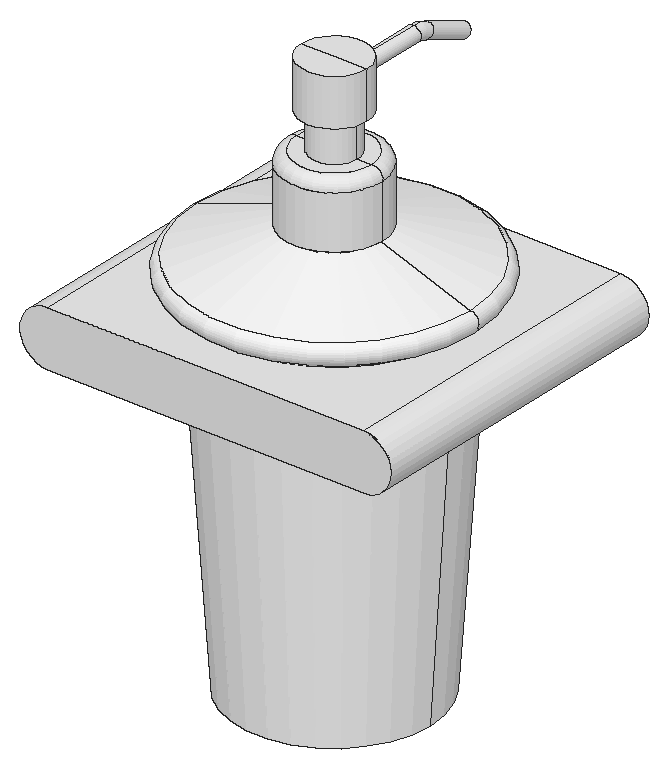
Revit family "LQ6215551_Jabonera Liquid Mate Black", category Furniture, host Wall, Revit 2019
Family settings
  Host = Wall
  OmniClass Number = 23.31.25.29.11
  OmniClass Title = Hand Soap Holders
  Always vertical = Yes
  Cut with Voids When Loaded = No
  Shared = No
  Room Calculation Point = No
Parameters (values of type "Type 1")
  Uso = "Residencial"  # constant formula
  URL = "https://corona.co/productos/accesorios/jabonera-liquid/p/LQ6215551"
  Tecnologías = "DuraCrome"  # constant formula
  Resistencia = "Resistente a la corrosión\r\npelado y decoloración por agua\r\nResistencia al peso general hasta 9 kg\r\nResistencia al peso del toallero barra hasta 23 kg"  # constant formula
  Referencia = "LQ6050001"  # constant formula
  Profundidad = 86.5 mm  # constant formula
  Número de piezas = "6"  # constant formula
  Material = Corona_Mate_Black
  Manufacturer = "Corona"  # constant formula
  Línea = "Liquid"  # constant formula
  Garantía Acabados = "5 años en acabados"  # constant formula
  Garantía = "30 años en estructura"  # constant formula
  Fecha de creación = "3/10/2020"  # constant formula
  Description = "Los accesorios Liquid Niquel se inspiran en la tensión superficial del agua y en cómo esta crea formas armónicas adaptándose al ambiente. Sistema de fijación oculto, ¡lo que buscabas!"  # constant formula
  Creado por = "IDD"  # constant formula
  Componentes = "Percha - Toallero - Jabonera - Barra - Cepillera - Portarrollo"  # constant formula
  Colección = "Liquid"  # constant formula
  Ancho = 100 mm  # constant formula
  Altura = 900 mm
  Alto = 152.5 mm  # constant formula
Reference planes
  plane 1 "Wall": y = 0
  plane 2 "Center (Left/Right)": x = 125
  plane 3 "Back": y = 75
  plane 4: z = 900
  plane 5: x = 175
  plane 6: x = 75
  plane 7: z = 976.25
  plane 8: z = 823.75
  plane 9: y = 161.5
Text (mm)
  text "Placement Side" at (-1848.837, 1116.779, 0), in view "Ref. Level"
  text "Placement side" at (0, 1409.804, 2854.306), in view "Left"
  text "Placement side" at (0, 499.811, 2980.732), in view "Right"
Dimensions and locks
  locked: plane 3 "Back" to host wall
  equal spacing: plane 8, plane 4, plane 7
  "Alto": plane 8 to plane 7
  equal spacing: plane 6, plane 2 "Center (Left/Right)", plane 5
  "Ancho": plane 6 to plane 5
  "Profundidad": plane 9 to host wall
  plane 4 to plane 8 = 76.25 mm
  "Altura": plane 4 to level
  aligned and locked: plane 1 "Wall" to host wall
  aligned and locked: nested 1 to plane 7
  aligned and locked: nested 3 to plane 7
  aligned and locked: nested 3 to plane 5
  aligned and locked: nested 4 to plane 9
  aligned and locked: nested 4 to plane 5
  aligned and locked: plane 7 to nested 2
  aligned and locked: plane 5 to nested 2
Nested families
  nested 1: "Lateral" at (125, 75, 823.75) x (0, -1, 0) z (1, 0, 0), type "Lateral"
  nested 2: "Jabonera" at (75, 118.25, 823.75), type "Jabonera"
  nested 3: "Frontal" at (175, 0, 823.75) x (-1, 0, 0) z (0, -1, 0), type "Frontal"
  nested 4: "Planta" at (75, 75, 0), type "Planta"
Definition of nested family "Jabonera"
  Parameters (values of type "Jabonera")
    Profundidad = 86.5 mm
    Material = none
    Ancho = 100 mm
    Alto = 152.5 mm
  Reference planes
    plane 1 "Center (Front/Back)": y = 0
    plane 2: z = 0
    plane 3 "Center (Left/Right)": x = 0
    plane 4: x = 100
    plane 5: y = 43.25
    plane 6: y = -43.25
    plane 7: z = 152.5
  Forms (mm)
    Extrusion 1, solid, material <- "Material", detail levels coarse
      sketch origin (0, 0, 0) x (1, 0, 0) y (0, 1, 0)
        loop
          line (0, 43.25) -> (0, -43.25) -> (100, -43.25) -> (100, 43.25) -> (0, 43.25)
      from 0 to 152.5
    Revolve 2, solid, material <- "Material", detail levels medium+fine
      sketch origin (0, 0, 0) x (1, 0, 0) y (0, 0, 1)
        loop
          line (50, 112.523) -> (50, 152.5) -> (41.25, 152.5) -> (41.25, 139.875) -> (43.855, 139.875) -> (43.855, 129.875) -> (39.98, 129.875)
          arc (39.98, 129.875) -> (37.859, 128.996) -> (36.98, 126.875) r 3
          line (36.98, 126.875) -> (36.98, 112.523) -> (50, 112.523)
        axis (50, 152.5) -> (50, 112.523)
      angle from 0 to 360
    Extrusion 3, solid, material <- "Material", detail levels medium+fine
      sketch origin (0, 0, 0) x (1, 0, 0) y (0, 0, 1)
        loop
          arc (7.5, 95.989) -> (0, 88.489) -> (7.5, 80.989) r 7.5
          line (7.5, 80.989) -> (92.5, 80.989)
          arc (92.5, 80.989) -> (100, 88.489) -> (92.5, 95.989) r 7.5
          line (92.5, 95.989) -> (7.5, 95.989)
      from -43.25 to 43.25
    Sweep 4, solid, material <- "Material", detail levels medium+fine
      path origin (0, 0, 0) x (0, 1, 0) y (0, 0, 1)
        loop
          line (8.75, 146.187) -> (26.668, 146.187)
          arc (26.668, 146.187) -> (28.706, 145.977) -> (30.659, 145.356) r 10
          line (30.659, 145.356) -> (43.25, 139.875)
      profile origin (0, 17.709, 146.187) x (0, 0, 1) y (1, 0, 0)
        loop
          circle (0, 50) r 2
    Revolve 5, solid, detail levels medium+fine
      sketch origin (0, 0, 0) x (1, 0, 0) y (0, 0, 1)
        loop
          line (50, 0.2) -> (50, 112.365) -> (37.138, 112.365) -> (13.178, 104.115)
          arc (13.178, 104.115) -> (11.193, 101.597) -> (12.661, 98.746) r 2.964
          line (12.661, 98.746) -> (17.23, 96.109) -> (23.937, 0.2) -> (50, 0.2)
        axis (50, 112.365) -> (50, 0.2)
      angle from 0 to 360
  Cuts and joins
    joined: Revolve 2, Sweep 4
  Dimensions and locks
    equal spacing: plane 5, plane 1 "Center (Front/Back)", plane 6
    "Profundidad": plane 5 to plane 6
    "Ancho": plane 3 "Center (Left/Right)" to plane 4
    "Alto": plane 7 to level
    aligned and locked: level to plane 2
    aligned and locked: Extrusion 1 sketch curve to plane 5
    aligned and locked: plane 4 to Extrusion 1 sketch curve
    aligned and locked: plane 6 to Extrusion 1 sketch curve
    aligned and locked: plane 7 to Extrusion 1
    aligned and locked: plane 5 to Extrusion 3
    aligned and locked: Extrusion 3 to plane 6
  Automatic sketch dimensions
    Extrusion 1 sketch curve to plane 3 "Center (Left/Right)" = 0 mm
    plane 3 "Center (Left/Right)" to Extrusion 3 sketch curve = 7.5 mm
    plane 4 to Extrusion 3 sketch curve = 7.5 mm
    Extrusion 3 sketch curve to plane 7 = 71.511 mm
    Extrusion 3 sketch curve to Extrusion 3 sketch curve = 7.5 mm
    Sweep 4 sketch curve to plane 5 = 0 mm
    Sweep 4 sketch curve to plane 5 = 12.591 mm
    Sweep 4 sketch curve to Sweep 4 sketch curve = 3.992 mm
    Sweep 4 sketch curve to plane 7 = 16.313 mm
    Sweep 4 sketch curve to plane 7 = 7.144 mm
    Sweep 4 sketch curve to plane 1 "Center (Front/Back)" = 8.75 mm
    Sweep 4 sketch curve to plane 7 = 12.625 mm
    Sweep 4 sketch curve to profile plane = 0 mm
    plane 3 "Center (Left/Right)" to Sweep 4 sketch curve = 50 mm
    Revolve 2 sketch curve to plane 7 = 0 mm
    plane 3 "Center (Left/Right)" to Revolve 2 sketch curve = 36.98 mm
    Revolve 2 sketch curve to Revolve 2 sketch curve = 3 mm
    Revolve 2 sketch curve to Revolve 2 sketch curve = 1.27 mm
    Revolve 2 sketch curve to Revolve 2 sketch curve = 2.605 mm
    Revolve 2 sketch curve to Revolve 2 sketch curve = 8.75 mm
    Revolve 2 sketch curve to plane 7 = 12.625 mm
    Revolve 2 sketch curve to Revolve 2 sketch curve = 10 mm
    Revolve 2 sketch curve to Revolve 2 sketch curve = 14.352 mm
    Revolve 2 sketch curve to Revolve 2 sketch curve = 0 mm
    Revolve 2 sketch curve to Revolve 2 sketch curve = 7.477 mm
    Revolve 2 sketch curve to level = 30 mm
    plane 4 to Revolve 5 sketch curve = 87.339 mm
    Revolve 5 sketch curve to Revolve 5 sketch curve = 0.517 mm
    Revolve 5 sketch curve to Revolve 5 sketch curve = 1.482 mm
    Revolve 5 sketch curve to Revolve 5 sketch curve = 4.569 mm
    level to Revolve 5 sketch curve = 0.2 mm
    plane 4 to Revolve 5 sketch curve = 76.063 mm
    Revolve 5 sketch curve to plane 7 = 40.135 mm
    Revolve 5 sketch curve to Revolve 5 sketch curve = 23.96 mm
    Revolve 5 sketch curve to Revolve 5 sketch curve = 12.862 mm
    Revolve 5 sketch curve to Revolve 5 sketch curve = 16.257 mm
    Revolve 5 sketch curve to Revolve 5 sketch curve = 2.638 mm
    Revolve 5 sketch curve to Revolve 5 sketch curve = 2.567 mm
    Revolve 5 sketch curve to Revolve 5 sketch curve = 0 mm  (x2)
    Revolve 5 sketch curve to level = 19.8 mm
    radius of Sweep 4 sketch curve = 2 mm
Definition of nested family "Lateral"
  Reference planes
    plane 1 "Center (Front/Back)": y = 0
    plane 2: z = 0
    plane 3 "Center (Left/Right)": x = 0
    plane 4: y = 152.5
    plane 5: x = -86.5
  Lines and regions (mm)
    detail lines, in view "Ref. Level"
      curve 1: line (-80.5, 76.25, 0) -> (-6, 76.25, 0)
      curve 2: line (-80.5, 96.25, 0) -> (-6, 96.25, 0)
      curve 3: line (-86.5, 82.25, 0) -> (-86.5, 90.25, 0)
      curve 4: line (0, 82.25, 0) -> (0, 90.25, 0)
      curve 5: line (-35.125, 152.5, 0) -> (-51.375, 152.5, 0)
      curve 6: line (-51.375, 152.5, 0) -> (-51.375, 137.5, 0)
      curve 7: line (-51.375, 137.5, 0) -> (-35.125, 137.5, 0)
      curve 8: line (-48.348, 137.5, 0) -> (-48.348, 130.288, 0)
      curve 9: line (-36.342, 130.288, 0) -> (-50.158, 130.288, 0)
      curve 10: line (-53.348, 114.307, 0) -> (-78.683, 108.458, 0)
      curve 11: line (-80.426, 99.49, 0) -> (-75.798, 96.25, 0)
      curve 12: arc (-80.426, 99.49, 0) -> (-82.466, 104.54, 0) -> (-78.683, 108.458, 0) r 5
      curve 13: arc (-50.158, 130.288, 0) -> (-52.414, 129.354, 0) -> (-53.348, 127.098, 0) r 3.19
      curve 14: line (-35.125, 152.5, 0) -> (-35.125, 137.5, 0)
      curve 15: line (-33.152, 127.098, 0) -> (-33.152, 114.307, 0)
      curve 16: arc (-36.342, 130.288, 0) -> (-34.086, 129.354, 0) -> (-33.152, 127.098, 0) r 3.19
      curve 17: line (-38.152, 137.5, 0) -> (-38.152, 130.288, 0)
      curve 18: line (-74, 76.25, 0) -> (-70.004, 0, 0)
      curve 19: line (-51.375, 147.5, 0) -> (-71.375, 147.5, 0)
      curve 20: line (-71.375, 147.5, 0) -> (-84.141, 144.079, 0)
      curve 21: line (-70.98, 144.5, 0) -> (-83.365, 141.182, 0)
      curve 22: line (-51.375, 144.5, 0) -> (-70.98, 144.5, 0)
      curve 23: line (-83.365, 141.182, 0) -> (-84.141, 144.079, 0)
      curve 24: line (-53.348, 127.098, 0) -> (-53.348, 114.307, 0)
      curve 25: line (-33.152, 114.307, 0) -> (-7.817, 108.458, 0)
      curve 26: line (-6.074, 99.49, 0) -> (-10.702, 96.25, 0)
      curve 27: arc (-6.074, 99.49, 0) -> (-4.034, 104.54, 0) -> (-7.817, 108.458, 0) r 5
      curve 28: line (-12.5, 76.25, 0) -> (-16.496, 0, 0)
      curve 29: line (-53.348, 114.307, 0) -> (-33.152, 114.307, 0)
      curve 30: arc (-86.5, 90.25, 0) -> (-84.743, 94.493, 0) -> (-80.5, 96.25, 0) r 6
      curve 31: arc (-86.5, 82.25, 0) -> (-84.743, 78.007, 0) -> (-80.5, 76.25, 0) r 6
      curve 32: arc (-6, 96.25, 0) -> (-1.757, 94.493, 0) -> (0, 90.25, 0) r 6
      curve 33: arc (-6, 76.25, 0) -> (-1.757, 78.007, 0) -> (0, 82.25, 0) r 6
      curve 34: line (-70.004, 0, 0) -> (-16.496, 0, 0)
Definition of nested family "Frontal"
  Reference planes
    plane 1 "Center (Front/Back)": y = 0
    plane 2: z = 0
    plane 3 "Center (Left/Right)": x = 0
    plane 4: x = 100
    plane 5: y = 152.5
  Lines and regions (mm)
    detail lines, in view "Ref. Level"
      curve 1: line (0, 76.25, 0) -> (100, 76.25, 0)
      curve 2: line (0, 96.25, 0) -> (100, 96.25, 0)
      curve 3: line (0, 76.25, 0) -> (0, 96.25, 0)
      curve 4: line (100, 76.25, 0) -> (100, 96.25, 0)
      curve 5: line (57.5, 152.5, 0) -> (42.5, 152.5, 0)
      curve 6: line (42.5, 152.5, 0) -> (42.5, 137.5, 0)
      curve 7: line (42.5, 137.5, 0) -> (57.5, 137.5, 0)
      curve 8: line (45.527, 137.5, 0) -> (45.527, 130.288, 0)
      curve 9: line (56.283, 130.288, 0) -> (43.717, 130.288, 0)
      curve 10: line (40.527, 127.098, 0) -> (40.527, 115.288, 0)
      curve 11: line (40.527, 115.288, 0) -> (10.942, 108.458, 0)
      curve 12: line (9.199, 99.49, 0) -> (13.827, 96.25, 0)
      curve 13: arc (9.199, 99.49, 0) -> (7.159, 104.54, 0) -> (10.942, 108.458, 0) r 5
      curve 14: arc (43.717, 130.288, 0) -> (41.461, 129.354, 0) -> (40.527, 127.098, 0) r 3.19
      curve 15: line (57.5, 152.5, 0) -> (57.5, 137.5, 0)
      curve 16: line (59.473, 127.098, 0) -> (59.473, 115.288, 0)
      curve 17: line (59.473, 115.288, 0) -> (89.058, 108.458, 0)
      curve 18: line (90.801, 99.49, 0) -> (86.173, 96.25, 0)
      curve 19: arc (90.801, 99.49, 0) -> (92.841, 104.54, 0) -> (89.058, 108.458, 0) r 5
      curve 20: arc (56.283, 130.288, 0) -> (58.539, 129.354, 0) -> (59.473, 127.098, 0) r 3.19
      curve 21: line (54.473, 137.5, 0) -> (54.473, 130.288, 0)
      curve 22: line (40.527, 115.288, 0) -> (59.473, 115.288, 0)
      curve 23: line (20, 76.25, 0) -> (23.996, 0, 0)
      curve 24: line (80, 76.25, 0) -> (76.004, 0, 0)
      curve 25: line (23.996, 0, 0) -> (76.004, 0, 0)
      curve 26: circle (50, 142.63, 0) r 1.5 normal (0, 0, 1)
      curve 27: line (51.5, 142.63, 0) -> (51.5, 146, 0)
      curve 28: line (48.5, 142.63, 0) -> (48.5, 146, 0)
      curve 29: circle (50, 142.63, 0) r 1.3 normal (0, 0, 1)
      curve 30: arc (51.5, 146, 0) -> (50, 147.5, 0) -> (48.5, 146, 0) r 1.5
Definition of nested family "Planta"
  Reference planes
    plane 1 "Center (Front/Back)": y = 0
    plane 2: z = 0
    plane 3 "Center (Left/Right)": x = 0
    plane 4: x = 100
    plane 5: y = 86.5
  Lines and regions (mm)
    detail lines, in view "Ref. Level"
      curve 1: line (0, 86.5, 0) -> (100, 86.5, 0)
      curve 2: line (0, 0, 0) -> (0, 86.5, 0)
      curve 3: line (100, 0, 0) -> (0, 0, 0)
      curve 4: line (100, 86.5, 0) -> (100, 0, 0)
      curve 5: circle (50, 43.25, 0) r 35 normal (0, 0, 1)
      curve 6: circle (50, 43.25, 0) r 7.041 normal (0, 0, 1)
      curve 7: line (49, 50.22, 0) -> (49, 70.291, 0)
      curve 8: line (49, 70.291, 0) -> (51, 70.291, 0)
      curve 9: line (51, 70.291, 0) -> (51, 50.22, 0)
      curve 10: arc (49, 53.2, 0) -> (50, 33.25, 0) -> (51, 53.2, 0) r 10
